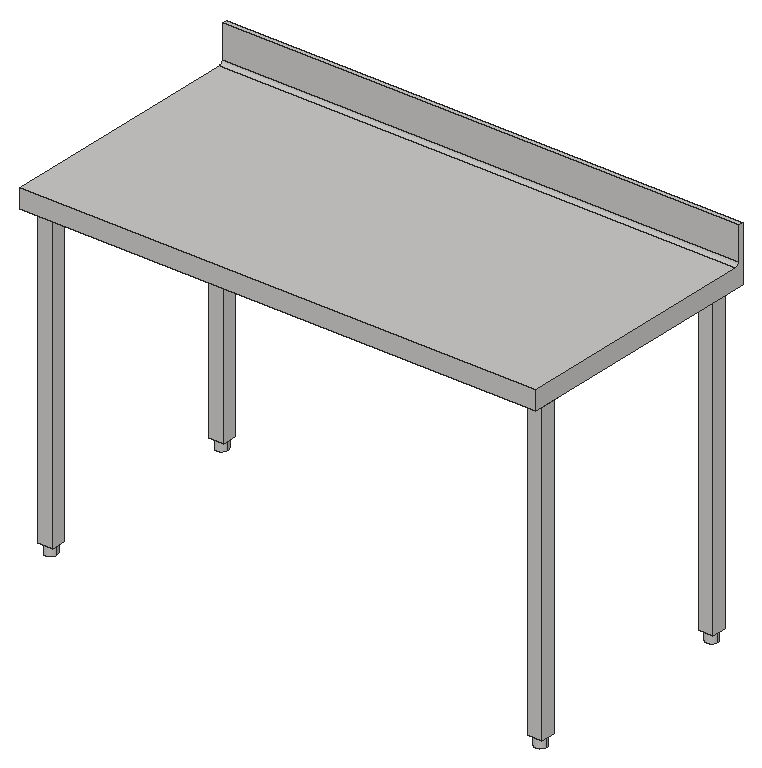
Revit family "QF_ELECTROLUXPROFESSIONAL_132732_TG1410PN", category Specialty Equipment, Revit 2023
Family settings
  Round Connector Dimension = Use Diameter
  Part Type = Normal
  Work Plane-Based = No
  Enable Cutting in Views = No
  Always vertical = Yes
  Cut with Voids When Loaded = No
  Maintain Annotation Orientation = No
  Shared = No
  Room Calculation Point = No
Parameters (values of type "Standard")
  Weight = 45.00 kg
  Watts = 0 W
  Volts = 0 V
  URL Manufacturer = "http://www.electroluxprofessional.com"
  URL = "http://www.electroluxprofessional.com"
  Steam Supply Size = 0 mm
  Steam Supply Minimum Pressure = 0.0 Pa
  Steam Supply Maximum Pressure = 0.0 Pa
  Steam Consumption per Hour = 0
  Refrigeration Suction Line Size = 0.0 mm
  Refrigeration Liquid Line Size = 0.0 mm
  Refrigerant Compressor Remote = yes
  Default Elevation = 0.0 mm
  Manufacturer = "Electrolux Professional"
  Phase = 0
  Model = "TG1410PN"
  Length Actual = 1400.0 mm
  Item Number = "132732"
  Hot Water Size = 0 mm
  Height Actual = 1000.0 mm
  HP = "0 HP"
  Gas Size = 0 mm
  Gas KW = 0
  Gas Input Pressure = 0 W
  Direct Waste Size = 0 mm
  Description = "WORK TABLE WITH UPSTAND 1400 MM"
  Depth Actual = 700.0 mm
  Cycle = 0 Hz
  Condensate Return Size = 0 mm
  Compressed Air Volume = 0.0 L/s
  Compressed Air Size = 0 mm
  Compressed Air Pressure = 0.0 Pa
  Cold Water Size = 0 mm
  Accessory = no
Reference planes
  plane 1 "Center (Front/Back)": y = 0
  plane 2: z = 0
  plane 3 "Center (Left/Right)": x = -200
  plane 4 "LEFT": x = -900
  plane 5 "RIGHT": x = 500
  plane 6 "BACK": y = 350
  plane 7 "FRONT": y = -350
  plane 8 "Base": z = 850
  plane 9 "TOP": z = 900
  plane 10: x = -864.5
  plane 11: x = 464.5
  plane 12: y = 290
  plane 13: y = -290
Forms (mm)
  Extrusion 1, solid, material "QF_Finishes_Stainless Steel"
    sketch origin (-200, 0, 0) x (0, 1, 0) y (0, 0, 1)
      loop
        line (-350, 850) -> (350, 850) -> (350, 1000) -> (337, 1000) -> (337, 910)
        arc (337, 910) -> (334.071, 902.929) -> (327, 900) r 10
        line (327, 900) -> (-350, 900) -> (-350, 850)
    from 700 to -700
Lines and regions (mm)
  symbolic lines
    curve 1: line (500, 350, 900) -> (-900, 350, 900)
    curve 2: line (-900, 350, 900) -> (-900, -350, 900)
    curve 3: line (-900, -350, 900) -> (500, -350, 900)
    curve 4: line (500, -350, 900) -> (500, 350, 900)
    curve 5: line (500, 337, 900) -> (-900, 337, 900)
Dimensions and locks
  plane 4 "LEFT" to plane 5 "RIGHT" = 1400.0 mm
  equal spacing: plane 4 "LEFT", plane 3 "Center (Left/Right)", plane 5 "RIGHT"
  locked: plane 8 "Base" to level at 850
  plane 4 "LEFT" to plane 10 = 35.5 mm
  plane 11 to plane 5 "RIGHT" = 35.5 mm
  plane 10 to plane 11 = 1329.0 mm
  locked: Extrusion 1 to level at 1000
  plane 9 "TOP" to level = 900.0 mm
  plane 6 "BACK" to plane 12 = 60.0 mm
  plane 13 to plane 7 "FRONT" = 60.0 mm
  plane 6 "BACK" to plane 7 "FRONT" = 700.0 mm
  plane 12 to plane 13 = 580.0 mm
  equal spacing: plane 6 "BACK", plane 1 "Center (Front/Back)", plane 7 "FRONT"
  aligned and locked: level to plane 2
  aligned and locked: plane 10 to nested 1
  aligned and locked: nested 1 to plane 13
  aligned and locked: plane 11 to nested 2
  aligned and locked: nested 2 to plane 13
  aligned and locked: plane 11 to nested 4
  aligned and locked: nested 4 to plane 12
  aligned and locked: plane 10 to nested 3
  aligned and locked: nested 3 to plane 12
  aligned and locked: Extrusion 1 to plane 4 "LEFT"
  aligned and locked: plane 5 "RIGHT" to Extrusion 1
  aligned and locked: curve 2 to plane 4 "LEFT"
Automatic sketch dimensions
  Extrusion 1 sketch curve to plane 7 "FRONT" = 0.0 mm
  Extrusion 1 sketch curve to plane 9 "TOP" = 0.0 mm
  Extrusion 1 sketch curve to plane 6 "BACK" = 0.0 mm
  Extrusion 1 sketch curve to plane 8 "Base" = 0.0 mm
  plane 9 "TOP" to Extrusion 1 sketch curve = 10.0 mm
  Extrusion 1 sketch curve to plane 6 "BACK" = 13.0 mm
  Extrusion 1 sketch curve to Extrusion 1 sketch curve = 90.0 mm
  curve 3 to plane 7 "FRONT" = 0.0 mm
  curve 5 to plane 5 "RIGHT" = 0.0 mm
  curve 4 to plane 6 "BACK" = 0.0 mm
  curve 5 to plane 6 "BACK" = 13.0 mm
Nested families
  nested 1: "FEET_40x40" at (-864.5, -290, 0), type "FEET_40x40"
  nested 2: "FEET_40x40" at (464.5, -290, 0), type "FEET_40x40"
  nested 3: "FEET_40x40" at (-864.5, 290, 0), type "FEET_40x40"
  nested 4: "FEET_40x40" at (464.5, 290, 0), type "FEET_40x40"
Definition of nested family "FEET_40x40"
  Parameters
    Default Elevation = 0.0 mm
    FEET = 850.0 mm
  Reference planes
    plane 1 "Center (Front/Back)": y = 0
    plane 2: z = 0
    plane 3 "Center (Left/Right)": x = 0
    plane 4: z = 850
  Forms (mm)
    Extrusion 1, solid
      sketch origin (0, 0, 0) x (1, 0, 0) y (0, 1, 0)
        loop
          line (-20, -20) -> (20, -20) -> (20, 20) -> (-20, 20) -> (-20, -20)
      from 25 to 845
    Extrusion 2, solid
      sketch origin (0, 0, 0) x (1, 0, 0) y (0, 1, 0)
        loop
          circle (0, 0) r 16
      from 0 to 25
    Extrusion 3, solid
      sketch origin (0, 0, 0) x (1, 0, 0) y (0, 1, 0)
        loop
          line (30, 30) -> (-30, 30) -> (-30, -30) -> (30, -30) -> (30, 30)
      from 845 to 850
  Lines and regions (mm)
    symbolic lines
      curve 1: line (0, -1.503, 0) -> (0, 1.508, 0)
      curve 2: line (1.561, 0, 0) -> (-1.439, 0, 0)
  Dimensions and locks
    "FEET": plane 4 to plane 2
    aligned and locked: level to plane 2
  Automatic sketch dimensions
    Extrusion 1 sketch curve to plane 3 "Center (Left/Right)" = 20.0 mm
    plane 3 "Center (Left/Right)" to Extrusion 1 sketch curve = 20.0 mm
    plane 1 "Center (Front/Back)" to Extrusion 1 sketch curve = 20.0 mm
    Extrusion 1 sketch curve to plane 1 "Center (Front/Back)" = 20.0 mm
    plane 1 "Center (Front/Back)" to Extrusion 2 sketch curve = 0.0 mm
    Extrusion 2 sketch curve to plane 3 "Center (Left/Right)" = 0.0 mm
    plane 3 "Center (Left/Right)" to Extrusion 3 sketch curve = 30.0 mm
    Extrusion 3 sketch curve to plane 1 "Center (Front/Back)" = 30.0 mm
    Extrusion 3 sketch curve to plane 3 "Center (Left/Right)" = 30.0 mm
    plane 1 "Center (Front/Back)" to Extrusion 3 sketch curve = 30.0 mm
    plane 1 "Center (Front/Back)" to curve 2 = 0.0 mm
    curve 1 to plane 3 "Center (Left/Right)" = 0.0 mm
    curve 2 to plane 3 "Center (Left/Right)" = 1.439 mm
    plane 3 "Center (Left/Right)" to curve 2 = 1.561 mm
    plane 1 "Center (Front/Back)" to curve 1 = 1.503 mm
    curve 1 to plane 1 "Center (Front/Back)" = 1.508 mm
    radius of Extrusion 2 sketch curve = 16.0 mm
